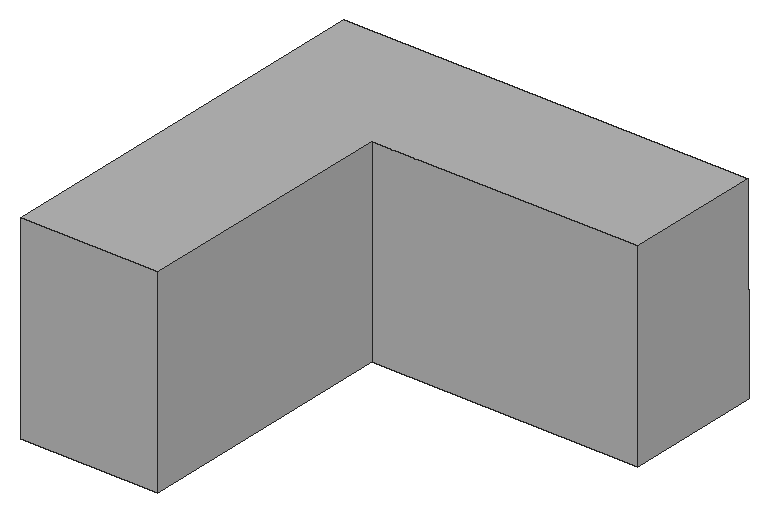
Revit family "150x215x440x440mm Corner Padstone -PS150", category Generic Models, Revit 2020
Family settings
  Can host rebar = No
  Round Connector Dimension = Use Diameter
  Part Type = Normal
  Work Plane-Based = No
  Always vertical = Yes
  Cut with Voids When Loaded = No
  Shared = No
  Room Calculation Point = No
Parameters
  Weight = "61Kg"
  Warranty Guarantor Parts = "n/a"
  Warranty Guarantor Labour = "n/a"
  Warranty Duration Unit = "n/a"
  Warranty Duration Parts = "n/a"
  Warranty Duration Labour = "n/a"
  Warranty Description = "n/a"
  Unit Width [instance] = 150 mm
  Unit Length [instance] = 440 mm
  Unit Height [instance] = 215 mm
  URL = "www.killeshal.com"
  Types = "Single"
  Type Comments = "Visit our website for a full list of available products."
  Sustainability Performance = "n/a"
  Structural Class = "n/a"
  Span = "Length."
  Slope = "0.00°"
  Size = "150 Wide x 215 High x 440 x 440mm Long Corner."
  Shape = "As per drawing"
  Service Life = "0.000000"
  Serial Number = "n/a"
  Resistance to Fire = "n/a"
  Replacement Cost = "n/a"
  Reference = "n/a"
  Notified Body = "n/a"
  Nominal Cover to Main Bar = "n/a"
  Model = "P/150 Padstone."
  Mechanical Resistance = "n/a"
  Manufacturer = "Killeshal Precast Concrete Ltd."
  Load Bearing = yes
  Life Cycle Environmental Load = "n/a"
  Length Options = "Stock sizes available. Custom sizes made to order."
  Keynote = "The information contained is the sole property of KPC Ltd., any reproduction in part or whole without permission of KPC Ltd. is prohibited."
  Environmental Product Declaration = "n/a"
  Environmental Class = "n/a"
  Durability against Corrosion = "n/a"
  Dimension Accuracy Class = "n/a"
  Detailing = "As per design specification and product drawings."
  Description = "Padstone 150 x 215 x 440 x 440mm."
  Default Elevation = 0 mm
  Dangerous Substances = "n/a"
  Contact Tel = "0035357 9353018"
  Contact Email = "sales@killeshal.com"
  Construction Type = "Precast"
  Construction Tolerance Class = "n/a"
  Compressive Strength of Concrete = "40N/mm²"
  Characteristics of Reinforcing Steel = "n/a"
  Characteristics Deflection Under Load = "n/a"
Reference planes
  plane 1 "Center (Front/Back)": y = 0
  plane 2: z = 0
  plane 3 "Center (Left/Right)": x = 0
  plane 4 "Rear": y = 75
  plane 5 "Front": y = -75
  plane 6 "Top": z = 215
  plane 7: x = 150
Forms (mm)
  Extrusion 1, solid, material "Precast Concrete (KPC)"
    sketch origin (0, 0, 0) x (0, 1, 0) y (0, 0, 1)
      loop
        line (75, 0) -> (75, 215) -> (-75, 215) -> (-75, 0) -> (75, 0)
    from 0 to 440
  Extrusion 2, solid, material "Precast Concrete (KPC)"
    sketch origin (0, 0, 0) x (1, 0, 0) y (0, 0, 1)
      loop
        line (0, 0) -> (150, 0) -> (150, 215) -> (0, 215) -> (0, 0)
    from 75 to 365
Cuts and joins
  joined: Extrusion 1, Extrusion 2
Dimensions and locks
  "Unit Length": Extrusion 1 to Extrusion 1
  "Unit Width": Extrusion 1 to Extrusion 1
  "Unit Height": Extrusion 1 to Extrusion 1
  cut or joined group of Extrusion 1, Extrusion 2 to cut or joined group of Extrusion 1, Extrusion 2 = 440 mm
  aligned and locked: level to plane 2
Automatic sketch dimensions
  Extrusion 1 sketch curve to level = 0 mm
  Extrusion 1 sketch curve to plane 5 "Front" = 0 mm
  Extrusion 1 sketch curve to plane 4 "Rear" = 0 mm
  Extrusion 1 sketch curve to plane 6 "Top" = 0 mm
  Extrusion 2 sketch curve to plane 3 "Center (Left/Right)" = 0 mm
  Extrusion 2 sketch curve to plane 6 "Top" = 0 mm
  plane 7 to Extrusion 2 sketch curve = 0 mm
  Extrusion 2 sketch curve to level = 0 mm
